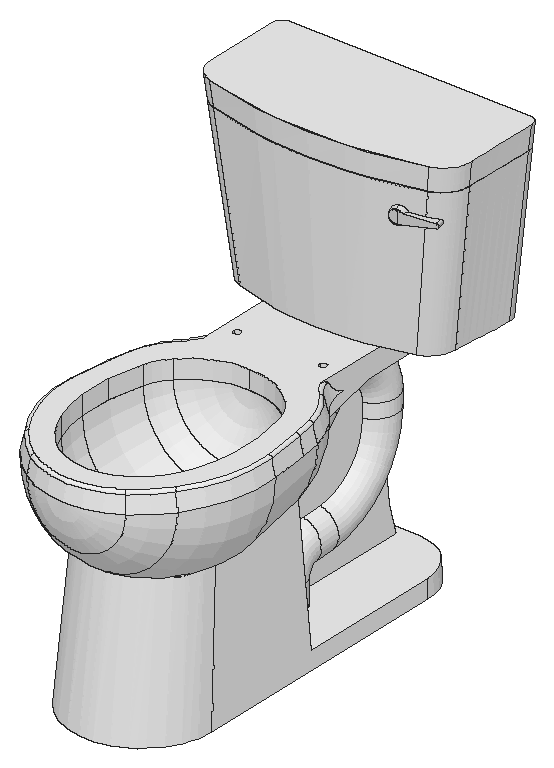
Revit family "Plumbing-Pressure-Assist-Water-Closet-Sloan-Valve-WETS-80298116_", category Plumbing Fixtures, host Face, Revit 2019 (continued)
Automatic sketch dimensions
  Masking region 2 sketch curve to Masking region 2 sketch curve = 3/4"
  Masking region 2 sketch curve to Masking region 2 sketch curve = 1.02866"
  Masking region 2 sketch curve to Masking region 2 sketch curve = 2"  (x2)
  Masking region 2 sketch curve to Masking region 2 sketch curve = 2 1/4"  (x2)
  Masking region 2 sketch curve to Masking region 2 sketch curve = 2.79716"
  Masking region 2 sketch curve to Masking region 2 sketch curve = 0.52667"  (x2)
  Masking region 2 sketch curve to Masking region 2 sketch curve = 1.24583"
  Masking region 2 sketch curve to Masking region 2 sketch curve = 1.55117"  (x2)
  Masking region 2 sketch curve to Masking region 2 sketch curve = 1.66402"
  Masking region 2 sketch curve to Masking region 2 sketch curve = 0.70915"  (x2)
  Masking region 2 sketch curve to Masking region 2 sketch curve = 2.22418"  (x2)
  Masking region 2 sketch curve to Masking region 2 sketch curve = 0.38996"  (x2)
  Masking region 2 sketch curve to Masking region 2 sketch curve = 3.913"
  Masking region 2 sketch curve to Masking region 2 sketch curve = 4.50109"  (x2)
  Masking region 2 sketch curve to Masking region 2 sketch curve = 2.37129"  (x2)
  Masking region 2 sketch curve to Masking region 2 sketch curve = 2.31605"  (x2)
  Masking region 2 sketch curve to Masking region 2 sketch curve = 2.56575"  (x2)
  Masking region 2 sketch curve to Masking region 2 sketch curve = 5 33/128"
  Masking region 2 sketch curve to Masking region 2 sketch curve = 5.26793"
  Masking region 2 sketch curve to Masking region 2 sketch curve = 0.29604"  (x2)
  Masking region 2 sketch curve to Masking region 2 sketch curve = 17.12237"
  Masking region 2 sketch curve to Masking region 2 sketch curve = 8 3/8"
  Masking region 2 sketch curve to Masking region 2 sketch curve = 9 3/4"
  Masking region 2 sketch curve to Masking region 2 sketch curve = 3.22134"
  Masking region 2 sketch curve to Masking region 2 sketch curve = 1 1/4"
  Masking region 2 sketch curve to Masking region 2 sketch curve = 18.90159"
  Masking region 2 sketch curve to Masking region 2 sketch curve = 19.0791"
  Extrusion 19 sketch curve to Extrusion 19 sketch curve = 2.41998"
  Extrusion 19 sketch curve to Extrusion 19 sketch curve = 0.01099"
  Extrusion 19 sketch curve to Extrusion 19 sketch curve = 0.0192"
  Extrusion 19 sketch curve to Extrusion 19 sketch curve = 0.29949"
  Extrusion 19 sketch curve to Extrusion 19 sketch curve = 0.15636"
  Extrusion 19 sketch curve to Extrusion 19 sketch curve = 0.78299"
  Revolve 20 sketch curve to Revolve 20 sketch curve = 0.48262"
  Revolve 20 sketch curve to Revolve 20 sketch curve = 1/2"
  Revolve 20 sketch curve to Revolve 20 sketch curve = 0.15681"
  Revolve 20 sketch curve to Revolve 20 sketch curve = 0.02676"
  Revolve 20 sketch curve to Revolve 20 sketch curve = 0.66246"
  Revolve 20 sketch curve to Revolve 20 sketch curve = 0"  (x2)
  Revolve 20 sketch curve to Revolve 20 sketch curve = 0.11261"
  plane 7 to Sweep 3 sketch curve = 16.44118"
  plane 7 to Sweep 3 sketch curve = 11 1/4"
  Sweep 3 sketch curve to Sweep 3 sketch curve = 1.57944"
  Sweep 3 sketch curve to Sweep 3 sketch curve = 1.22254"
  Sweep 3 sketch curve to Sweep 3 sketch curve = 1.50376"
  Sweep 3 sketch curve to Sweep 3 sketch curve = 2.37343"
  Sweep 3 sketch curve to Sweep 3 sketch curve = 3"
  Sweep 3 sketch curve to Sweep 3 sketch curve = 0.23912"
  Sweep 3 sketch curve to Sweep 3 sketch curve = 2.19457"
  Sweep 3 sketch curve to Sweep 3 sketch curve = 1.02691"
  Sweep 3 sketch curve to Sweep 3 sketch curve = 6.01869"
  Sweep 3 sketch curve to Sweep 3 sketch curve = 5.81653"
  Sweep 3 sketch curve to Sweep 3 sketch curve = 0.44425"
  Sweep 3 sketch curve to Sweep 3 sketch curve = 0"
  Sweep 3 sketch curve to Sweep 3 sketch curve = 1.66667"
  Sweep 3 sketch curve to Sweep 3 sketch curve = 0.07881"
  Sweep 3 sketch curve to Sweep 3 sketch curve = 2.69248"
  Extrusion 21 sketch curve to plane 7 = 0"
  plane 7 to Extrusion 21 sketch curve = 8.61371"
  Extrusion 21 sketch curve to Extrusion 21 sketch curve = 1.78321"
  plane 11 to Blend 22 sketch curve = 23 1/2"
  Blend 22 sketch curve to Blend 22 sketch curve = 3 1/2"  (x2)
  Blend 22 sketch curve to Blend 22 sketch curve = 4 7/8"
  Blend 22 sketch curve to Blend 22 sketch curve = 2 3/4"
  plane 11 to Blend 22 sketch curve = 4 67/128"
  plane 11 to Blend 22 sketch curve = 22.25397"
  plane 11 to Blend 22 sketch curve = 1 3/128"
  Blend 22 sketch curve to Blend 22 sketch curve = 4 5/16"
  Blend 22 sketch curve to Blend 22 sketch curve = 1 5/8"
  plane 11 to Extrusion 23 sketch curve = 13.77953"
  Extrusion 23 sketch curve to Extrusion 23 sketch curve = 5.00662"
  Extrusion 23 sketch curve to Extrusion 23 sketch curve = 1.37144"
  Extrusion 23 sketch curve to Extrusion 23 sketch curve = 0.83072"
  plane 11 to Extrusion 23 sketch curve = 2.01421"
  plane 11 to Extrusion 23 sketch curve = 1.80632"
  Extrusion 23 sketch curve to Extrusion 23 sketch curve = 1.24829"
  Extrusion 23 sketch curve to Extrusion 23 sketch curve = 2.7937"
  Sweep 24 sketch curve to profile plane = 0"  (x2)
  plane 11 to Extrusion 25 sketch curve = 25.07129"
  Extrusion 25 sketch curve to Extrusion 25 sketch curve = 6.25633"
  Extrusion 25 sketch curve to Extrusion 25 sketch curve = 0.63587"
  Extrusion 25 sketch curve to Extrusion 25 sketch curve = 7.2727"
  Extrusion 25 sketch curve to Extrusion 25 sketch curve = 1.99428"
  Extrusion 25 sketch curve to Extrusion 25 sketch curve = 1.03117"
  plane 11 to Extrusion 25 sketch curve = 1.54092"
  plane 11 to Extrusion 25 sketch curve = 1.93503"
  Extrusion 25 sketch curve to plane 11 = 12.09356"
  Extrusion 25 sketch curve to Extrusion 25 sketch curve = 5.1955"
  Extrusion 25 sketch curve to Extrusion 25 sketch curve = 7.268"
  Extrusion 25 sketch curve to Extrusion 25 sketch curve = 4 19/256"
  Extrusion 25 sketch curve to Extrusion 25 sketch curve = 4.71404"
  Extrusion 25 sketch curve to Extrusion 25 sketch curve = 3.46658"
  Extrusion 25 sketch curve to Extrusion 25 sketch curve = 0.2571"
  Extrusion 25 sketch curve to Extrusion 25 sketch curve = 0"
  plane 8 to Blend 26 sketch curve = 0.21467"
  plane 8 to Blend 26 sketch curve = 0.58558"
  plane 11 to Blend 26 sketch curve = 5/16"
  plane 8 to Blend 26 sketch curve = 0.96182"
  Blend 26 sketch curve to Blend 26 sketch curve = 1.99239"
  plane 8 to Blend 26 sketch curve = 7 15/16"
  plane 9 to Blend 26 sketch curve = 2.57797"
  plane 9 to Blend 26 sketch curve = 0.96182"
  plane 9 to Blend 26 sketch curve = 0.58558"
  plane 9 to Blend 26 sketch curve = 0.21467"
  Blend 26 sketch curve to Blend 26 sketch curve = 3/4"  (x3)
  Blend 26 sketch curve to Blend 26 sketch curve = 4.13053"  (x2)
  Blend 26 sketch curve to Blend 26 sketch curve = 0.17431"  (x2)
  Blend 26 sketch curve to plane 11 = 9.28691"
  Blend 26 sketch curve to Blend 26 sketch curve = 0"  (x2)
  plane 11 to Blend 26 sketch curve = 0"
  plane 11 to Blend 26 sketch curve = 6 1/128"  (x2)
  Blend 26 sketch curve to Blend 26 sketch curve = 2"
  Blend 26 sketch curve to Blend 26 sketch curve = 8 3/8"
  Blend 26 sketch curve to Blend 26 sketch curve = 14 1/4"
  plane 11 to Blend 26 sketch curve = 3/4"
  Blend 26 sketch curve to Blend 26 sketch curve = 1 1/4"
  Blend 26 sketch curve to plane 11 = 19.0791"
  plane 11 to Revolve 27 sketch curve = 18.41431"
  Revolve 27 sketch curve to Revolve 27 sketch curve = 0.38226"
  Revolve 27 sketch curve to Revolve 27 sketch curve = 213/256"
  Revolve 27 sketch curve to Revolve 27 sketch curve = 0"  (x10)
  Revolve 27 sketch curve to Revolve 27 sketch curve = 1.55117"
  Revolve 27 sketch curve to Revolve 27 sketch curve = 0.52667"
  Revolve 27 sketch curve to Revolve 27 sketch curve = 1.06316"
  Revolve 27 sketch curve to Revolve 27 sketch curve = 0.55817"
  Revolve 27 sketch curve to Revolve 27 sketch curve = 4.78572"
  Revolve 27 sketch curve to Revolve 27 sketch curve = 17.76248"
  Revolve 27 sketch curve to Revolve 27 sketch curve = 1.12242"
  Revolve 27 sketch curve to Revolve 27 sketch curve = 1.54616"
  Revolve 27 sketch curve to Revolve 27 sketch curve = 1.91616"
  Revolve 27 sketch curve to Revolve 27 sketch curve = 0.22012"
  Revolve 27 sketch curve to Revolve 27 sketch curve = 0.002"
  Revolve 27 sketch curve to Revolve 27 sketch curve = 0.38996"
  Revolve 27 sketch curve to Revolve 27 sketch curve = 2.4971"
  Revolve 27 sketch curve to Revolve 27 sketch curve = 1.76271"
  Revolve 27 sketch curve to Revolve 27 sketch curve = 0.46147"
  Revolve 27 sketch curve to Revolve 27 sketch curve = 1.76813"
  Revolve 27 sketch curve to Revolve 27 sketch curve = 2.37097"
  Revolve 27 sketch curve to Revolve 27 sketch curve = 1.94676"
  Revolve 27 sketch curve to Revolve 27 sketch curve = 0.65231"
  Revolve 27 sketch curve to Revolve 27 sketch curve = 3.62883"
  Revolve 27 sketch curve to Revolve 27 sketch curve = 2.41279"
  Revolve 27 sketch curve to Revolve 27 sketch curve = 0.18389"
  Revolve 27 sketch curve to Revolve 27 sketch curve = 1/2"
  Extrusion 28 sketch curve to Extrusion 28 sketch curve = 0.67182"
  Extrusion 28 sketch curve to Extrusion 28 sketch curve = 1.77234"
  Extrusion 28 sketch curve to Extrusion 28 sketch curve = 1.545"  (x2)
  Extrusion 28 sketch curve to Extrusion 28 sketch curve = 93/128"
  Extrusion 28 sketch curve to Extrusion 28 sketch curve = 0.40828"
  Extrusion 28 sketch curve to Extrusion 28 sketch curve = 2.54228"
  Extrusion 28 sketch curve to Extrusion 28 sketch curve = 2.74948"
  Blend 29 sketch curve to Blend 29 sketch curve = 0.99706"
  Blend 29 sketch curve to Blend 29 sketch curve = 0.24541"
  Blend 29 sketch curve to Blend 29 sketch curve = 1 13/16"
  Blend 29 sketch curve to Blend 29 sketch curve = 0.37271"
  Blend 30 sketch curve to Blend 30 sketch curve = 1 13/16"  (x2)
  Blend 30 sketch curve to Blend 30 sketch curve = 0.37271"
  Blend 30 sketch curve to Blend 30 sketch curve = 1.15396"
  plane 11 to Sweep 31 sketch curve = 26.57715"
  Sweep 31 sketch curve to Sweep 31 sketch curve = 9.12902"
  Sweep 31 sketch curve to Sweep 31 sketch curve = 0.84594"
  Sweep 31 sketch curve to Sweep 31 sketch curve = 3.46596"
  Sweep 31 sketch curve to Sweep 31 sketch curve = 1.9345"
  Sweep 31 sketch curve to Sweep 31 sketch curve = 0.18533"
  Sweep 31 sketch curve to Sweep 31 sketch curve = 1.3913"
  Sweep 31 sketch curve to Sweep 31 sketch curve = 1.1687"
  Sweep 31 sketch curve to Sweep 31 sketch curve = 3.42714"
  Sweep 31 sketch curve to Sweep 31 sketch curve = 1.86098"
  Sweep 31 sketch curve to Sweep 31 sketch curve = 1.34254"
  Sweep 31 sketch curve to Sweep 31 sketch curve = 1.96082"
  Sweep 31 sketch curve to Sweep 31 sketch curve = 0"  (x3)
  Sweep 31 sketch curve to Sweep 31 sketch curve = 2.59819"
  Sweep 31 sketch curve to profile plane = 0"
  Sweep 31 sketch curve to profile plane = 0.99706"  (x2)
  Sweep 32 sketch curve to Sweep 32 sketch curve = 0"  (x12)
  Sweep 32 sketch curve to plane 10 = 0"  (x4)
  plane 10 to Sweep 32 sketch curve = 5.70094"  (x2)
  plane 11 to Sweep 32 sketch curve = 10.88962"
  Sweep 32 sketch curve to Sweep 32 sketch curve = 18.15103"  (x2)
  Sweep 32 sketch curve to Sweep 32 sketch curve = 4"  (x2)
  Sweep 32 sketch curve to Sweep 32 sketch curve = 2.01849"
  Sweep 32 sketch curve to Sweep 32 sketch curve = 0.52667"  (x2)
  Sweep 32 sketch curve to Sweep 32 sketch curve = 1.24583"
  Sweep 32 sketch curve to Sweep 32 sketch curve = 1.55117"  (x2)
  Sweep 32 sketch curve to Sweep 32 sketch curve = 1.66402"
  Sweep 32 sketch curve to Sweep 32 sketch curve = 3.26432"
  plane 10 to Sweep 32 sketch curve = 4.99179"
  Sweep 32 sketch curve to Sweep 32 sketch curve = 2.22418"
  Sweep 32 sketch curve to Sweep 32 sketch curve = 0.38996"  (x2)
  Sweep 32 sketch curve to Sweep 32 sketch curve = 3.913"
  Sweep 32 sketch curve to Sweep 32 sketch curve = 6.87238"
  Sweep 32 sketch curve to Sweep 32 sketch curve = 5.26793"
  Sweep 32 sketch curve to Sweep 32 sketch curve = 0.29604"  (x2)
  Sweep 32 sketch curve to Sweep 32 sketch curve = 4.31887"  (x2)
  Sweep 32 sketch curve to profile plane = 0"
  Sweep 32 sketch curve to profile plane = 0.25828"
  Sweep 32 sketch curve to Sweep 32 sketch curve = 0.24359"
  Sweep 32 sketch curve to profile plane = 0.71616"
  profile plane to Sweep 32 sketch curve = 14 3/16"
  Sweep 32 sketch curve to Sweep 32 sketch curve = 1 1/16"
  Sweep 32 sketch curve to Sweep 32 sketch curve = 0.05624"
  Extrusion 33 sketch curve to Extrusion 33 sketch curve = 0"  (x20)
  plane 11 to Extrusion 33 sketch curve = 21.08289"
  Extrusion 33 sketch curve to Extrusion 33 sketch curve = 4.78572"  (x2)
  Extrusion 33 sketch curve to Extrusion 33 sketch curve = 0.55817"  (x2)
  Extrusion 33 sketch curve to Extrusion 33 sketch curve = 1.92673"  (x2)
  Extrusion 33 sketch curve to Extrusion 33 sketch curve = 3.141"
  Extrusion 33 sketch curve to Extrusion 33 sketch curve = 1.21427"  (x2)
  Extrusion 33 sketch curve to Extrusion 33 sketch curve = 0.37"  (x2)
  Extrusion 33 sketch curve to Extrusion 33 sketch curve = 0.22012"  (x2)
  Extrusion 33 sketch curve to Extrusion 33 sketch curve = 2.15467"
  Extrusion 33 sketch curve to Extrusion 33 sketch curve = 2.13627"
  Extrusion 33 sketch curve to Extrusion 33 sketch curve = 1.12242"  (x2)
  Extrusion 33 sketch curve to Extrusion 33 sketch curve = 1.58443"
  Extrusion 33 sketch curve to Extrusion 33 sketch curve = 1.57431"  (x2)
  Extrusion 34 sketch curve to Extrusion 34 sketch curve = 0"  (x15)
  plane 11 to Extrusion 34 sketch curve = 23.57999"  (x2)
  plane 11 to Extrusion 34 sketch curve = 10.88962"
  Extrusion 34 sketch curve to Extrusion 34 sketch curve = 18.15103"  (x2)
  Extrusion 34 sketch curve to Extrusion 34 sketch curve = 4"  (x2)
  Extrusion 34 sketch curve to Extrusion 34 sketch curve = 2.01849"
  Extrusion 34 sketch curve to Extrusion 34 sketch curve = 0.52667"  (x2)
  Extrusion 34 sketch curve to Extrusion 34 sketch curve = 1.24583"
  Extrusion 34 sketch curve to Extrusion 34 sketch curve = 1.55117"  (x2)
  Extrusion 34 sketch curve to Extrusion 34 sketch curve = 1.66402"
  Extrusion 34 sketch curve to Extrusion 34 sketch curve = 3.26432"
  Extrusion 34 sketch curve to Extrusion 34 sketch curve = 13.39952"
  Extrusion 34 sketch curve to Extrusion 34 sketch curve = 2.22418"  (x2)
  Extrusion 34 sketch curve to Extrusion 34 sketch curve = 0.38996"  (x2)
  Extrusion 34 sketch curve to Extrusion 34 sketch curve = 3.913"
  Extrusion 34 sketch curve to Extrusion 34 sketch curve = 3.98247"
  Extrusion 34 sketch curve to Extrusion 34 sketch curve = 0.39147"  (x2)
  Extrusion 34 sketch curve to Extrusion 34 sketch curve = 2.49844"
  Extrusion 34 sketch curve to Extrusion 34 sketch curve = 4.55398"
  Extrusion 34 sketch curve to Extrusion 34 sketch curve = 0.28975"  (x2)
  plane 11 to Extrusion 35 sketch curve = 15 3/4"
  Extrusion 35 sketch curve to Extrusion 35 sketch curve = 1.03091"
  Extrusion 35 sketch curve to plane 11 = 0.34835"
  Extrusion 35 sketch curve to Extrusion 35 sketch curve = 14.74266"
  plane 11 to Revolve 36 sketch curve = 18.41431"
  Revolve 36 sketch curve to Revolve 36 sketch curve = 1.21427"
  Revolve 36 sketch curve to Revolve 36 sketch curve = 3.141"
  Revolve 36 sketch curve to Revolve 36 sketch curve = 0.55817"
  Revolve 36 sketch curve to Revolve 36 sketch curve = 4.78572"
  Revolve 36 sketch curve to Revolve 36 sketch curve = 1.12242"
  Revolve 36 sketch curve to Revolve 36 sketch curve = 1.54616"
  Revolve 36 sketch curve to Revolve 36 sketch curve = 1.91616"
  Revolve 36 sketch curve to Revolve 36 sketch curve = 0.22012"
  Revolve 36 sketch curve to Revolve 36 sketch curve = 2.15467"
  Revolve 36 sketch curve to Revolve 36 sketch curve = 4.85057"
  Revolve 36 sketch curve to Revolve 36 sketch curve = 4.53114"
  Revolve 36 sketch curve to Revolve 36 sketch curve = 0"  (x5)
  Revolve 36 sketch curve to Revolve 36 sketch curve = 2.34667"
  Revolve 36 sketch curve to Revolve 36 sketch curve = 1/2"
  plane 11 to Extrusion 37 sketch curve = 11 3/8"
  Extrusion 37 sketch curve to Extrusion 37 sketch curve = 6"
  Extrusion 37 sketch curve to Extrusion 37 sketch curve = 0"
  Extrusion 38 sketch curve to Extrusion 38 sketch curve = 0"  (x17)
  plane 11 to Extrusion 38 sketch curve = 0"
  plane 11 to Extrusion 38 sketch curve = 6 1/128"  (x2)
  Extrusion 38 sketch curve to Extrusion 38 sketch curve = 1/4"
  Extrusion 38 sketch curve to Extrusion 38 sketch curve = 1/2"
  Extrusion 38 sketch curve to Extrusion 38 sketch curve = 1 3/4"  (x2)
  Extrusion 38 sketch curve to Extrusion 38 sketch curve = 8 3/8"
  Extrusion 38 sketch curve to Extrusion 38 sketch curve = 14 1/4"
  Extrusion 38 sketch curve to Extrusion 38 sketch curve = 1 1/4"
  Extrusion 38 sketch curve to plane 11 = 19.0791"
  Extrusion 39 sketch curve to Extrusion 39 sketch curve = 2.41998"
  Extrusion 39 sketch curve to Extrusion 39 sketch curve = 0.01099"
  Extrusion 39 sketch curve to Extrusion 39 sketch curve = 0.0192"
  Extrusion 39 sketch curve to Extrusion 39 sketch curve = 0.29949"
  Extrusion 39 sketch curve to Extrusion 39 sketch curve = 0.15636"
  Extrusion 39 sketch curve to Extrusion 39 sketch curve = 0.78299"
  Revolve 40 sketch curve to Revolve 40 sketch curve = 0.48262"
  Revolve 40 sketch curve to Revolve 40 sketch curve = 1/2"
  Revolve 40 sketch curve to Revolve 40 sketch curve = 0.15681"
  Revolve 40 sketch curve to Revolve 40 sketch curve = 0.02676"
  Revolve 40 sketch curve to Revolve 40 sketch curve = 0.66246"
  Revolve 40 sketch curve to Revolve 40 sketch curve = 0"  (x2)
  Revolve 40 sketch curve to Revolve 40 sketch curve = 0.11261"
  plane 11 to Sweep 24 sketch curve = 16.44118"
  plane 11 to Sweep 24 sketch curve = 11 1/4"
  Sweep 24 sketch curve to Sweep 24 sketch curve = 1.57944"
  Sweep 24 sketch curve to Sweep 24 sketch curve = 1.22254"
  Sweep 24 sketch curve to Sweep 24 sketch curve = 1.50376"
  Sweep 24 sketch curve to Sweep 24 sketch curve = 2.37343"
  Sweep 24 sketch curve to Sweep 24 sketch curve = 3"
  Sweep 24 sketch curve to Sweep 24 sketch curve = 0.23912"
  Sweep 24 sketch curve to Sweep 24 sketch curve = 2.19457"
  Sweep 24 sketch curve to Sweep 24 sketch curve = 1.02691"
  Sweep 24 sketch curve to Sweep 24 sketch curve = 6.01869"
  Sweep 24 sketch curve to Sweep 24 sketch curve = 5.81653"
  Sweep 24 sketch curve to Sweep 24 sketch curve = 0.44425"
  Sweep 24 sketch curve to Sweep 24 sketch curve = 0"
  Sweep 24 sketch curve to Sweep 24 sketch curve = 1.66667"
  Sweep 24 sketch curve to Sweep 24 sketch curve = 0.07881"
  Sweep 24 sketch curve to Sweep 24 sketch curve = 2.69248"
  Extrusion 41 sketch curve to plane 11 = 0"
  plane 11 to Extrusion 41 sketch curve = 8.61371"
  Extrusion 41 sketch curve to Extrusion 41 sketch curve = 1.78321"
  radius of Sweep 3 sketch curve = 1 1/2"
  radius of Extrusion 5 sketch curve = 1/4"
  radius of Extrusion 17 sketch curve = 1/4"  (x2)
  radius of Sweep 24 sketch curve = 1 1/2"
  radius of Extrusion 37 sketch curve = 1/4"  (x2)
Connectors
  piping at (-152.4, 0, 254), diameter 12.7, driven by "Cold Water Connection Diameter", driven by "CWFU", driven by "Valve Pressure Drop", driven by "Cold Water Connector Description"
    settings: on Extrusion 5, index 1, connector inside diameter 24", connector length 0", flow factor 0, pipe flow 0 GPM, pressure drop 0.00 psi, fitting loss kfactor 0, connector angle 0.00°, fixture units 10, engagement length 0", angle of deflection 0.00°, flow configuration 3, flow direction 1, fitting loss method 4, system type 20, joint type 0, gender type 0, connector reference index -1, connector utility 0, adjustable connector no, is connector primary yes, connector description "Cold Water Connector d1/2\""
  piping at (0, -304.8, 0), diameter 53.975, driven by "Sanitary Drain Connection Diameter", driven by "WFU", driven by "Sanitary Drain Connector Description"
    settings: on Sweep 3, index 2, connector inside diameter 24", connector length 0", flow factor 0, pipe flow 0 GPM, pressure drop 0.00 psi, fitting loss kfactor 0, connector angle 0.00°, fixture units 10, engagement length 0", angle of deflection 0.00°, flow configuration 3, flow direction 2, fitting loss method 0, system type 16, joint type 0, gender type 0, connector reference index -1, connector utility 0, adjustable connector no, is connector primary no, connector description "Sanitary Drain Connector d2 1/8\""
Types (4): name | Water Closet Code | Product Material | Part Number | Model | Description
  (no name) | "2108029" | Sloan Valve - Vitreous China - White | "WETS-8029.8116" | "WETS-8029.8116" | "Floor-Mounted 1.0 gpf (3.8 Lpf) ADA 12\" Rough-in Pressure-Assisted/Tank Toilet."
  WETS-8029.8116 | "2108029" | Sloan Valve - Vitreous China - White | "WETS-8029.8116" | "WETS-8029.8116" | "Floor-Mounted 1.0 gpf (3.8 Lpf) ADA 12\" Rough-in Pressure-Assisted/Tank Toilet."
  WETS-8029.8116-BAA | "2108029" | Sloan Valve - Vitreous China - White | "80298116" | "WETS-8029.8116-BAA" | "Floor-Mounted 1.0 gpf (3.8 Lpf) ADA 12\" Rough-in Pressure-Assisted/Tank Toilet."
  WETS-8029.8116-STG | "2178009" | Sloan Valve - Vitreous China - SloanTec Glaze White | "WETS-8029.8116-STG" | "WETS-8029.8116-STG" | "Floor-Mounted 1.0 gpf (3.8 Lpf) ADA 12\" Rough-in Pressure-Assisted/Tank Toilet with SloanTec® Glaze."
